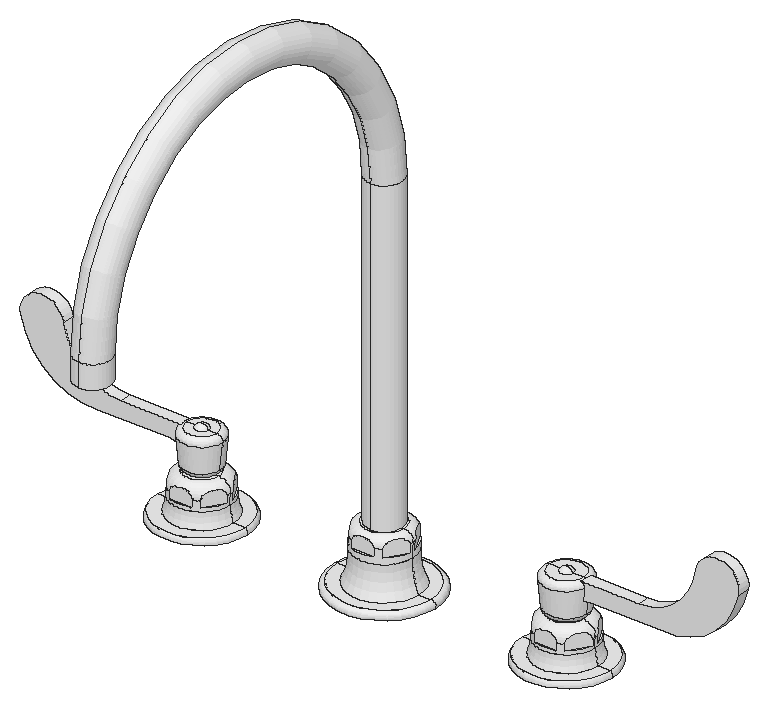
Revit family "Faucet_Kitchen-Two_Handle-American_Standard-Monterrey-6540.188", category Plumbing Fixtures, Revit 2018
Family settings
  Round Connector Dimension = Use Diameter
  Part Type = Normal
  OmniClass Number = 23.45.55.17
  OmniClass Title = Mixing Faucets
  Work Plane-Based = Yes
  Always vertical = No
  Cut with Voids When Loaded = No
  Shared = Yes
  Room Calculation Point = No
Parameters (values of type "6540.188.002")
  Width = 8"
  Waste Connection = no
  Warranty Information = "5 Year limited"
  WFU = 0
  Vent Connection = no
  URL = "http://www.americanstandard-us.com/"
  Specification = "1.5 gpm Pressure Compensating Laminar Flow device in base of spout. Plain spout end. Field-Convertible rigid/swivel gooseneck spout with 8\" reach. Vandal-Resistant Wrist Blade Handles. Less drain and pop-up hole."
  Revised Date = "12/05/2016"
  Product Page URL = "https://www.americanstandard-us.com/bathroom/commercial-faucets/monterrey-8-inch-widespread-gooseneck-faucet-15-gpm-laminar-flow-in-spout-base-8-inch-spout-re-23133"
  Product Documentation Link = "https://www.americanstandard-us.com/-/media/sites/asus/files/product-specs/bulk/specsheet6540188.pdf?la=en"
  Price = "Prices may vary. Please consult Manufacturer Representative for most up-to-date price list."  # constant formula
  Model = "6540.188.002"
  Material = "Brass-American_Standard-002-Polished_Chrome"
  Manufacturer = "American Standard"
  Length = 15 3/4"
  Installation Type = "Deck Mounted"
  IAPMO Compliance = "\"Product meets or exceeds: ANSI A117.1, ASME A112.18.1, CSA B125.1, NSF 372\""
  Height = 12 1/2"
  Handle Length = 3 7/8"
  HWFU = 1.5  # constant formula
  HW Connection = yes
  Flow Rate = "1.5 gpm/5.7L/min"
  Finish = Brass-American_Standard-002-Polished_Chrome
  Description = "Monterrey Two-Handle Widespread Lavatory Faucet With Laminar Flow In Base Of Spout Rigid/Swivel Gooseneck Spout With 8\" Reach."
  Default Elevation = 0"
  Creation Date = "02/25/2016"
  CWFU = 1.5  # constant formula
  CW Connection = yes
  Assembly Code = "D2020300"
  ADA Compliant = yes
Reference planes (in)
  plane 1 "Center (Front/Back)": y = 0
  plane 2: z = 0
  plane 3 "Center (Left/Right)": x = 0
  plane 4: z = 12.5
  plane 5: y = -8
  plane 6: z = 7.625
  plane 7: x = 7.875
  plane 8: x = 4
  plane 9: x = -7.875
  plane 10: x = -4
  plane 11: x = -5
  plane 12: z = 0.17426
  plane 13: y = -0.375
  plane 14: y = -8.375
  plane 15: x = -3
  plane 16: x = 5
  plane 17: x = 3
Forms (in)
  Sweep 1, solid, material "Brass-American_Standard-002-Polished_Chrome" <- "Finish"
    path origin (0, 0, -1.50409) x (0, 1, 0) y (0, 0, 1)
      loop
        line (0, 2.52781) -> (0, 9.6245)
        arc (0, 9.6245) -> (-4, 13.6245) -> (-8, 9.6245) r 4
        line (-8, 9.6245) -> (-8, 9.12909)
    profile origin (0, 0, 4.57207) x (0, -1, 0) y (1, 0, 0)
      loop
        circle (0, 0) r 0.37856
  Revolve 2, solid, material "Brass-American_Standard-002-Polished_Chrome" <- "Finish"
    sketch origin (0, 0, 0) x (1, 0, 0) y (0, 0, 1)
      loop
        arc (-4, 1.83383) -> (-4.07786, 1.81554) -> (-4.13264, 1.75726) r 0.13852
        line (-4.13264, 1.75726) -> (-4.32791, 1.75726)
        arc (-4.32791, 1.75726) -> (-4.42046, 1.71627) -> (-4.45232, 1.62019) r 0.125
        line (-4.45232, 1.62019) -> (-4.39778, 1.05773)
        arc (-4.39778, 1.05773) -> (-4.36565, 0.99373) -> (-4.29886, 0.96794) r 0.09938
        line (-4.29886, 0.96794) -> (-4.17228, 0.96794) -> (-4.17228, 0.93) -> (-4.37285, 0.93)
        arc (-4.37285, 0.93) -> (-4.55339, 0.85294) -> (-4.62262, 0.66927) r 0.25
        line (-4.62262, 0.66927) -> (-4.62262, 0.45123)
        arc (-4.62262, 0.45123) -> (-4.63597, 0.28237) -> (-4.68685, 0.12081) r 0.75054
        line (-4.68685, 0.12081) -> (-4.95648, 0.12081)
        arc (-4.95648, 0.12081) -> (-4.99181, 0.0653) -> (-5, 0) r 0.15007
        line (-5, 0) -> (-4, 0) -> (-4, 1.83383)
      axis (-4, 1.83383) -> (-4, 0)
    angle from 0 to 360
  Revolve 3, solid, material "Brass-American_Standard-002-Polished_Chrome" <- "Finish"
    sketch origin (0, 0, 0) x (1, 0, 0) y (0, 0, 1)
      loop
        line (0, 0) -> (0, 1.32462) -> (-0.42891, 1.32462)
        arc (-0.42891, 1.32462) -> (-0.57144, 1.26558) -> (-0.63047, 1.12306) r 0.20156
        line (-0.63047, 1.12306) -> (-0.63047, 0.82462)
        arc (-0.63047, 0.82462) -> (-0.63991, 0.47235) -> (-0.76259, 0.142) r 1.07672
        line (-0.76259, 0.142) -> (-1.02139, 0.142)
        arc (-1.02139, 0.142) -> (-1.1063, 0.09564) -> (-1.12082, 0) r 0.1089
        line (-1.12082, 0) -> (0, 0)
      axis (0, 1.32462) -> (0, 0)
    angle from 0 to 360
  Extrusion 4, void
    sketch origin (0, 0, 0) x (1, 0, 0) y (0, 1, 0)
      loop
        line (-0.66376, 0) -> (-0.33188, -0.57483) -> (0.33188, -0.57483) -> (0.66376, 0) -> (0.33188, 0.57483) -> (-0.33188, 0.57483) -> (-0.66376, 0)
      loop
        circle (0, 0) r 0.75
    from 0.957 to 1.38415
  Extrusion 5, void
    sketch origin (0, 0, 0) x (1, 0, 0) y (0, 1, 0)
      loop
        line (-3.34125, 0) -> (-3.67062, 0.5705) -> (-4.32938, 0.5705) -> (-4.65875, 0) -> (-4.32938, -0.5705) -> (-3.67062, -0.5705) -> (-3.34125, 0)
      loop
        circle (-4, 0) r 0.70724
    from 0.93221 to 0.524
  Revolve 6, solid, material "Brass-American_Standard-002-Polished_Chrome" <- "Finish"
    sketch origin (0, 0, 0) x (-1, 0, 0) y (0, 0, -1)
      loop
        line (-4, -1.83383) -> (-4, 0) -> (-5, 0)
        arc (-5, 0) -> (-4.99181, -0.0653) -> (-4.95648, -0.12081) r 0.15007
        line (-4.95648, -0.12081) -> (-4.68685, -0.12081)
        arc (-4.68685, -0.12081) -> (-4.63597, -0.28237) -> (-4.62262, -0.45123) r 0.75054
        line (-4.62262, -0.45123) -> (-4.62262, -0.66927)
        arc (-4.62262, -0.66927) -> (-4.55339, -0.85294) -> (-4.37285, -0.93) r 0.25
        line (-4.37285, -0.93) -> (-4.17228, -0.93) -> (-4.17228, -0.96794) -> (-4.34595, -0.96794)
        arc (-4.34595, -0.96794) -> (-4.41275, -0.99373) -> (-4.44487, -1.05773) r 0.09938
        line (-4.44487, -1.05773) -> (-4.49942, -1.62019)
        arc (-4.49942, -1.62019) -> (-4.46756, -1.71627) -> (-4.375, -1.75726) r 0.125
        line (-4.375, -1.75726) -> (-4.13264, -1.75726)
        arc (-4.13264, -1.75726) -> (-4.07786, -1.81554) -> (-4, -1.83383) r 0.13852
      axis (-4, -1.83383) -> (-4, 0)
    angle from 0 to 360
  Extrusion 7, void
    sketch origin (0, 0, 0) x (-1, 0, 0) y (0, -1, 0)
      loop
        line (-3.34125, 0) -> (-3.67062, 0.5705) -> (-4.32938, 0.5705) -> (-4.65875, 0) -> (-4.32938, -0.5705) -> (-3.67062, -0.5705) -> (-3.34125, 0)
      loop
        circle (-4, 0) r 0.70724
    from 0.93221 to 0.524
  Extrusion 8, solid, material "Brass-American_Standard-002-Polished_Chrome" <- "Finish"
    sketch origin (0, 0, 0) x (1, 0, 0) y (0, 0, 1)
      loop
        line (-6.17228, 1.40079) -> (-4.62072, 1.40079)
        arc (-4.62072, 1.40079) -> (-4.38259, 1.34362) -> (-4.19638, 1.18458) r 0.52452
        line (-4.19638, 1.18458) -> (-4, 1.18458) -> (-4, 1.7507) -> (-5.68745, 1.7507)
        arc (-5.68745, 1.7507) -> (-6.51546, 2.06427) -> (-6.92805, 2.84766) r 1.25
        arc (-6.92805, 2.84766) -> (-7.48691, 3.22952) -> (-7.875, 2.67496) r 0.48132
        arc (-7.875, 2.67496) -> (-7.25828, 1.72432) -> (-6.17228, 1.40079) r 1.63938
    from -0.125 to 0.125
  Extrusion 9, solid, material "Brass-American_Standard-002-Polished_Chrome" <- "Finish"
    sketch origin (0, 0, 0) x (-1, 0, 0) y (0, 0, -1)
      loop
        arc (-6.17228, -1.40079) -> (-7.25828, -1.72432) -> (-7.875, -2.67496) r 1.63938
        arc (-7.875, -2.67496) -> (-7.48691, -3.22952) -> (-6.92805, -2.84766) r 0.48132
        arc (-6.92805, -2.84766) -> (-6.51546, -2.06427) -> (-5.68745, -1.7507) r 1.25
        line (-5.68745, -1.7507) -> (-4, -1.7507) -> (-4, -1.18458) -> (-4.19638, -1.18458)
        arc (-4.19638, -1.18458) -> (-4.38259, -1.34362) -> (-4.62072, -1.40079) r 0.52452
        line (-4.62072, -1.40079) -> (-6.17228, -1.40079)
    from -0.125 to 0.125
Cuts and joins
  Extrusion 4 cuts Sweep 1
  Extrusion 4 cuts Revolve 3
  joined: Sweep 1, Revolve 3
  Extrusion 5, Extrusion 7 cuts Revolve 2
  Extrusion 7 cuts Revolve 6
  joined: Revolve 2, Revolve 6, Extrusion 8, Extrusion 9
Lines and regions (in)
  Masking region 1
    outline origin (0, 0, 0) x (1, 0, 0) y (0, 1, 0)
      loop
        line (-0.37856, -1.05496) -> (-0.37856, -8)
        arc (-0.37856, -8) -> (0, -8.37856) -> (0.37856, -8) r 0.37856
        line (0.37856, -8) -> (0.37856, -1.05496)
        arc (0.37856, -1.05496) -> (0, 1.12082) -> (-0.37856, -1.05496) r 1.12082
      loop
        line (4.99216, -0.125) -> (7.88187, -0.125) -> (7.88187, 0.125) -> (4.99216, 0.125)
        arc (4.99216, 0.125) -> (3, 0) -> (4.99216, -0.125) r 1
      loop
        line (-4.99216, 0.125) -> (-7.875, 0.125) -> (-7.875, -0.125) -> (-4.99216, -0.125)
        arc (-4.99216, -0.125) -> (-3, 0) -> (-4.99216, 0.125) r 1
  symbolic lines, detail levels fine
    curve 1: circle (-4, 0, 0) r 0.13264 normal (0, 0, -1)
    curve 3: arc (-0.37856, -0.50417, 0) -> (0.00635, 0.63044, 0) -> (0.36833, -0.51169, 0) r 0.63047
    curve 7: circle (4, 0, 0) r 0.13264 normal (0, 0, 1)
    curve 10: arc (4.67538, 0.125, 0) -> (3.31315, 0, 0) -> (4.67538, -0.125, 0) r 0.68685
    curve 13: arc (-4.67538, 0.125, 0) -> (-3.31315, 0, 0) -> (-4.67538, -0.125, 0) r 0.68685
  symbolic lines, detail levels medium+fine
    curve 2: arc (0.37856, -0.66199, 0) -> (0, 0.76259, 0) -> (-0.37856, -0.66199, 0) r 0.76259
    curve 4: arc (-0.37856, 0, 0) -> (0, 0.37856, 0) -> (0.37856, 0, 0) r 0.37856
    curve 5: line (0.37856, 0, 0) -> (0.37856, -1.05496, 0)
    curve 6: line (-0.37856, 0, 0) -> (-0.37856, -1.05496, 0)
    curve 8: line (4.99216, 0.125, 0) -> (4.43532, 0.125, 0)
    curve 9: line (4.99216, -0.125, 0) -> (4.43532, -0.125, 0)
    curve 11: line (-4.99216, 0.125, 0) -> (-4.43532, 0.125, 0)
    curve 12: line (-4.99216, -0.125, 0) -> (-4.43532, -0.125, 0)
    curve 14: arc (-4.43532, -0.125, 0) -> (-3.54709, 0, 0) -> (-4.43532, 0.125, 0) r 0.45291
    curve 15: arc (4.43532, -0.125, 0) -> (3.54709, 0, 0) -> (4.43532, 0.125, 0) r 0.45291
Dimensions and locks (in)
  "Height": plane 4 to level
  "Width": plane 1 "Center (Front/Back)" to plane 5
  "Length": plane 7 to plane 9
  equal spacing: plane 7, plane 3 "Center (Left/Right)", plane 9
  locked: Sweep 1 sketch curve to plane 13 at 0.375
  locked: plane 5 to plane 14 at 0.375
  locked: plane 11 to plane 10 at 1
  locked: plane 15 to plane 10 at 1
  plane 17 to plane 8 to plane 16 = 1" locked, 1" locked
  plane 8 to plane 10 = 8"
  aligned and locked: Revolve 2 sketch curve to Revolve 2 sketch curve
  aligned and locked: Revolve 2 sketch curve to plane 10
  aligned and locked: Revolve 6 sketch curve to Revolve 6 sketch curve
  aligned and locked: plane 16 to Revolve 6 sketch curve
  aligned and locked: curve 1 to cut or joined group of Revolve 2, Extrusion 5, Revolve 6, Extrusion 7, Extrusion 8, Extrusion 9
  aligned and locked: curve 2 to cut or joined group of Sweep 1, Revolve 3, Extrusion 4
  aligned and locked: curve 3 to cut or joined group of Sweep 1, Revolve 3, Extrusion 4
  aligned and locked: curve 4 to cut or joined group of Sweep 1, Revolve 3, Extrusion 4
Automatic sketch dimensions
  Sweep 1 sketch curve to profile plane = 0"  (x2)
  Revolve 2 sketch curve to level = 0"
  plane 11 to Revolve 2 sketch curve = 0"
  plane 11 to Revolve 2 sketch curve = 0.37273"
  Revolve 2 sketch curve to plane 11 = 0.04352"
  level to Revolve 2 sketch curve = 0.01443"
  Revolve 2 sketch curve to plane 11 = 0.14937"
  Revolve 2 sketch curve to Revolve 2 sketch curve = 0.16378"
  Revolve 2 sketch curve to plane 11 = 0.37738"
  Revolve 2 sketch curve to plane 10 = 0.45232"
  Revolve 2 sketch curve to plane 10 = 0.39778"
  Revolve 2 sketch curve to Revolve 2 sketch curve = 0.02492"
  Revolve 2 sketch curve to Revolve 2 sketch curve = 0.12442"
  Revolve 2 sketch curve to Revolve 2 sketch curve = 0.07399"
  Revolve 2 sketch curve to Revolve 2 sketch curve = 0.12658"
  Revolve 2 sketch curve to plane 10 = 0.13264"
  Revolve 2 sketch curve to plane 10 = 0.00861"
  level to Revolve 2 sketch curve = 0.42558"
  Revolve 2 sketch curve to Revolve 2 sketch curve = 0.21804"
  Revolve 2 sketch curve to Revolve 2 sketch curve = 0.01074"
  Revolve 2 sketch curve to Revolve 2 sketch curve = 0.03794"
  Revolve 2 sketch curve to Revolve 2 sketch curve = 0.12773"
  Revolve 2 sketch curve to Revolve 2 sketch curve = 0.56246"
  Revolve 2 sketch curve to Revolve 2 sketch curve = 0.01207"
  Revolve 2 sketch curve to Revolve 2 sketch curve = 0.06167"
  Revolve 2 sketch curve to level = 0.17825"
  Revolve 2 sketch curve to Revolve 2 sketch curve = 0.45282"
  Revolve 3 sketch curve to level = 0"
  Revolve 3 sketch curve to plane 3 "Center (Left/Right)" = 0"  (x2)
  Revolve 3 sketch curve to Revolve 3 sketch curve = 0.42891"
  Revolve 3 sketch curve to Revolve 3 sketch curve = 0.20156"
  plane 12 to Revolve 3 sketch curve = 0.03226"
  Revolve 3 sketch curve to Revolve 3 sketch curve = 0.13211"
  level to Revolve 3 sketch curve = 0.03318"
  Revolve 3 sketch curve to Revolve 3 sketch curve = 0.25451"
  Revolve 3 sketch curve to Revolve 3 sketch curve = 0.0043"
  Revolve 3 sketch curve to Revolve 3 sketch curve = 0.67562"
  level to Revolve 3 sketch curve = 0.67694"
  Revolve 3 sketch curve to Revolve 3 sketch curve = 0.29844"
  Revolve 3 sketch curve to Revolve 3 sketch curve = 0.30223"
  Revolve 3 sketch curve to Revolve 3 sketch curve = 0.12315"
  plane 9 to Extrusion 8 sketch curve = 0"
  Extrusion 8 sketch curve to plane 10 = 0"
  Extrusion 8 sketch curve to plane 9 = 0.47444"
  Extrusion 8 sketch curve to Extrusion 8 sketch curve = 1.12449"
  Extrusion 8 sketch curve to Extrusion 8 sketch curve = 0.10379"
  Extrusion 8 sketch curve to Extrusion 8 sketch curve = 0.48482"
  Extrusion 8 sketch curve to plane 11 = 0.37928"
  Extrusion 8 sketch curve to plane 10 = 0.19638"
  level to Extrusion 8 sketch curve = 0.87627"
  Extrusion 8 sketch curve to Extrusion 8 sketch curve = 0.3083"
  Extrusion 8 sketch curve to Extrusion 8 sketch curve = 0.56612"
  Extrusion 8 sketch curve to Extrusion 8 sketch curve = 1.35523"
  Extrusion 8 sketch curve to Extrusion 8 sketch curve = 1 1/4"
  Extrusion 8 sketch curve to Extrusion 8 sketch curve = 0.03619"
  Extrusion 9 sketch curve to plane 7 = 0"
  plane 8 to Extrusion 9 sketch curve = 0"
  plane 7 to Extrusion 9 sketch curve = 0.47444"
  Extrusion 9 sketch curve to Extrusion 9 sketch curve = 1.12449"
  Extrusion 9 sketch curve to Extrusion 9 sketch curve = 0.10379"
  Extrusion 9 sketch curve to Extrusion 9 sketch curve = 0.48482"
  plane 16 to Extrusion 9 sketch curve = 0.37928"
  plane 8 to Extrusion 9 sketch curve = 0.19638"
  Extrusion 9 sketch curve to level = 0.87627"
  Extrusion 9 sketch curve to Extrusion 9 sketch curve = 0.3083"
  Extrusion 9 sketch curve to Extrusion 9 sketch curve = 0.56612"
  Extrusion 9 sketch curve to Extrusion 9 sketch curve = 1.35523"
  Extrusion 9 sketch curve to Extrusion 9 sketch curve = 1 1/4"
  Extrusion 9 sketch curve to Extrusion 9 sketch curve = 0.03619"
  plane 1 "Center (Front/Back)" to Extrusion 4 sketch curve = 0"  (x3)
  Extrusion 4 sketch curve to plane 3 "Center (Left/Right)" = 0"
  Extrusion 4 sketch curve to plane 3 "Center (Left/Right)" = 0.33188"  (x2)
  Extrusion 4 sketch curve to Extrusion 4 sketch curve = 0.33188"  (x2)
  plane 3 "Center (Left/Right)" to Extrusion 4 sketch curve = 0.33188"  (x2)
  plane 1 "Center (Front/Back)" to Extrusion 4 sketch curve = 0.57483"
  Extrusion 4 sketch curve to plane 1 "Center (Front/Back)" = 0.57483"
  plane 1 "Center (Front/Back)" to Extrusion 5 sketch curve = 0"  (x3)
  Extrusion 5 sketch curve to plane 10 = 0"
  Extrusion 5 sketch curve to plane 10 = 0.32938"  (x2)
  Extrusion 5 sketch curve to plane 11 = 0.34125"
  plane 10 to Extrusion 5 sketch curve = 0.32938"  (x2)
  Extrusion 5 sketch curve to plane 15 = 0.34125"
  plane 1 "Center (Front/Back)" to Extrusion 5 sketch curve = 0.5705"
  Extrusion 5 sketch curve to plane 1 "Center (Front/Back)" = 0.5705"
  plane 1 "Center (Front/Back)" to Extrusion 7 sketch curve = 0"  (x3)
  Extrusion 7 sketch curve to plane 8 = 0"
  plane 8 to Extrusion 7 sketch curve = 0.32938"  (x2)
  plane 16 to Extrusion 7 sketch curve = 0.34125"
  Extrusion 7 sketch curve to plane 8 = 0.32938"  (x2)
  plane 17 to Extrusion 7 sketch curve = 0.34125"
  Extrusion 7 sketch curve to plane 1 "Center (Front/Back)" = 0.5705"
  plane 1 "Center (Front/Back)" to Extrusion 7 sketch curve = 0.5705"
  plane 8 to Revolve 6 sketch curve = 0"
  Revolve 6 sketch curve to level = 0"
  plane 16 to Revolve 6 sketch curve = 0.37273"
  Revolve 6 sketch curve to plane 16 = 0.04352"
  level to Revolve 6 sketch curve = 0.01443"
  Revolve 6 sketch curve to plane 16 = 0.14937"
  Revolve 6 sketch curve to Revolve 6 sketch curve = 0.16378"
  Revolve 6 sketch curve to plane 16 = 0.37738"
  Revolve 6 sketch curve to plane 8 = 0.49942"
  Revolve 6 sketch curve to Revolve 6 sketch curve = 0.24977"
  Revolve 6 sketch curve to Revolve 6 sketch curve = 0.17367"
  Revolve 6 sketch curve to plane 8 = 0.13264"
  Revolve 6 sketch curve to plane 8 = 0.00861"
  level to Revolve 6 sketch curve = 0.42558"
  Revolve 6 sketch curve to Revolve 6 sketch curve = 0.21804"
  Revolve 6 sketch curve to Revolve 6 sketch curve = 0.01074"
  Revolve 6 sketch curve to Revolve 6 sketch curve = 0.03794"
  Revolve 6 sketch curve to Revolve 6 sketch curve = 0.06167"
  Revolve 6 sketch curve to level = 0.17825"
  Revolve 6 sketch curve to Revolve 6 sketch curve = 0.45282"
  Revolve 6 sketch curve to Revolve 6 sketch curve = 0.12442"
  Revolve 6 sketch curve to Revolve 6 sketch curve = 0.0269"
  Revolve 6 sketch curve to Revolve 6 sketch curve = 0.09938"
  Revolve 6 sketch curve to Revolve 6 sketch curve = 0.55287"
  Revolve 6 sketch curve to Revolve 6 sketch curve = 0.09892"
  Revolve 6 sketch curve to Revolve 6 sketch curve = 0.01207"
  curve 1 to curve 13 = 0"  (x2)
  curve 1 to curve 14 = 0"  (x2)
  curve 7 to curve 10 = 0"  (x2)
  curve 7 to curve 15 = 0"  (x2)
  plane 1 "Center (Front/Back)" to curve 15 = 0"
  curve 15 to plane 8 = 0"
  plane 1 "Center (Front/Back)" to curve 12 = 1/8"
  curve 12 to plane 10 = 0.43532"
  curve 11 to plane 1 "Center (Front/Back)" = 1/8"
  curve 8 to plane 1 "Center (Front/Back)" = 1/8"
  curve 8 to plane 8 = 0.43532"
  curve 13 to curve 12 = 0.24006"
  curve 12 to plane 11 = 0.00784"
  curve 11 to plane 11 = 0.00784"
  curve 3 to curve 2 = 0.01023"
  curve 9 to curve 8 = 0"
  curve 15 to curve 10 = 0.24006"
  curve 8 to plane 16 = 0.00784"
  curve 9 to plane 16 = 0.00784"
  curve 6 to curve 2 = 0.39297"
  curve 5 to curve 2 = 0.39297"
  Masking region 1 sketch curve to plane 9 = 0"
  plane 1 "Center (Front/Back)" to Masking region 1 sketch curve = 0"  (x3)
  Masking region 1 sketch curve to plane 10 = 0"
  plane 5 to Masking region 1 sketch curve = 0"
  Masking region 1 sketch curve to plane 3 "Center (Left/Right)" = 0"  (x2)
  Masking region 1 sketch curve to plane 8 = 0"
  Masking region 1 sketch curve to plane 11 = 0.00784"  (x2)
  Masking region 1 sketch curve to plane 3 "Center (Left/Right)" = 0.37856"
  Masking region 1 sketch curve to plane 16 = 0.00784"  (x2)
  plane 7 to Masking region 1 sketch curve = 0.00687"
  plane 1 "Center (Front/Back)" to Masking region 1 sketch curve = 1.05496"
  plane 1 "Center (Front/Back)" to Masking region 1 sketch curve = 1/8"
  Masking region 1 sketch curve to plane 1 "Center (Front/Back)" = 1/8"
  Sweep 1 sketch curve to plane 5 = 0"
  Sweep 1 sketch curve to plane 6 = 0"
  Sweep 1 sketch curve to Sweep 1 sketch curve = 0.49541"
  level to Sweep 1 sketch curve = 1.02373"
  radius of Sweep 1 sketch curve = 0.37856"
  radius of Extrusion 4 sketch curve = 3/4"
  radius of Extrusion 5 sketch curve = 0.70724"
  radius of Extrusion 7 sketch curve = 0.70724"
  radius of curve 7 = 0.13264"
Connectors (in)
  piping at (-4, 0, 0), diameter 0.5, driven by "HWFU"
    settings: on cut or joined group of Revolve 2, Extrusion 5, Revolve 6, Extrusion 7, Extrusion 8, Extrusion 9, index 1, connector inside diameter 24", connector length 0", flow factor 0, pipe flow 0 GPM, pressure drop 0.00 psi, fitting loss kfactor 0, connector angle 0.00°, fixture units 1.5, engagement length 0", angle of deflection 0.00°, flow configuration 3, flow direction 1, fitting loss method 0, system type 19, joint type 0, gender type 0, connector reference index -1, connector utility 0, adjustable connector no, is connector primary yes, connector description "1/2\" HW Inlet Supply"
  piping at (4, 0, 0), diameter 0.5, driven by "CWFU"
    settings: on cut or joined group of Revolve 2, Extrusion 5, Revolve 6, Extrusion 7, Extrusion 8, Extrusion 9, index 2, connector inside diameter 24", connector length 0", flow factor 0, pipe flow 0 GPM, pressure drop 0.00 psi, fitting loss kfactor 0, connector angle 0.00°, fixture units 1.5, engagement length 0", angle of deflection 0.00°, flow configuration 3, flow direction 1, fitting loss method 0, system type 20, joint type 0, gender type 0, connector reference index -1, connector utility 0, adjustable connector no, is connector primary no, connector description "1/2\" CW Inlet Supply"
